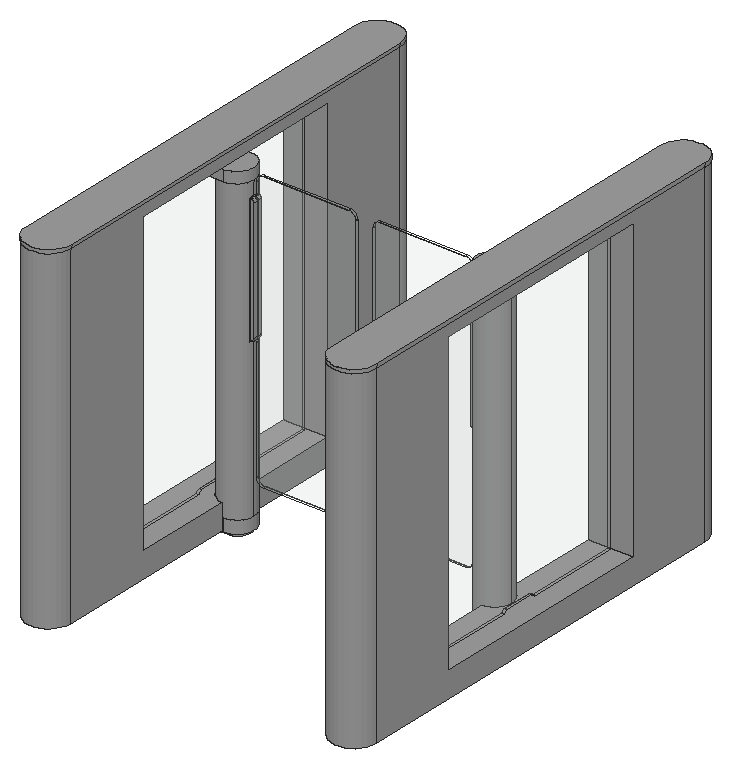
Revit family "record_VisionTouch", category Generic Models, Revit 2020
Family settings
  Can host rebar = No
  Round Connector Dimension = Use Diameter
  Part Type = Normal
  Work Plane-Based = No
  Always vertical = Yes
  Cut with Voids When Loaded = No
  Shared = No
  Room Calculation Point = No
Parameters (values of type "Vision Touch")
  Width [instance] = if(Width Input = 1, "1019 mm", if(Width Input = 2, "1284 mm", if(Width Input = 3, "1569 mm", "ERROR")))  # "1019 mm"
  Weight = "Depends on configuration and size"
  WarrantyDescription = "Depends on country"
  Uniclass2 = ""
  URL = "http://www.record.group"
  ThresholdRequired = no
  Shape = "Rectangular shaped"
  ServiceLifeDuration = "10-15 years"
  SerialNumber = "n/a"
  SelfClosing = yes
  SafetyDevices = "Force Limitations and Safety Sensors"
  ReplacementCost = "Depends on the configuration and door type"
  ReferenceStandard = "n/a"
  ProductionYear = "n/a"
  PassageWidthOptions = "650, 915"
  OperatingTemperature = "0º to +55ºC"
  OpenablePanelOpen [instance] = DoorOpen  # no
  OpenablePanelClose [instance] = not(DoorOpen)  # yes
  NominalWidth = 1019.0 mm
  NominalLength = 1325.0 mm
  NominalHeight = 1000.0 mm
  ModelReference = "Depends on the configuration"
  Model = "Vision Touch"
  Material = "Aluminum"
  ManufacturerURL = "www.record.group"
  Manufacturer = "Tansa"
  LeafColourOptions = "All RAL, customer specific"
  IssueDate = "n/a"
  IsExternal = yes
  HasDrive = yes
  HandicapAccessible = yes
  GlassType = "n/a"
  GlassThickness2 = 0.0 mm
  GlassThickness1 = 10.0 mm
  GlassLayers = 0
  Glass Height  Input [instance] = 1
  Glass Height [instance] = if(Glass Height  Input = 1, "945 mm", if(Glass Height  Input = 2, "1200 mm", if(Glass Height  Input = 3, "1800 mm", "ERROR")))  # "945 mm"
  Glazing Material [instance] = record_Glass
  FrameSeal = yes
  FrameProfile = "Aluminium"
  FrameFinishOptions = "Powder coated, Anodized, Clad in stainless steel, etc."
  Frame Material [instance] = record_Metal
  FireExit = yes
  Finish [instance] = "Powder coated, Anodized, stainless steel, customer specific"
  ElectronicLock = yes
  DrumWallOptions = "Metal"
  DoorsetOptions = "no"
  DoorsetOperation = "Automatic"
  DoorsetFasteners = "Screws"
  DoorOpen [instance] = no
  DoorIncluded = yes
  Description = "Speedgate"
  Default Elevation = 0.0 mm
  Construction Type = "Speedgate"
  Colour = "Customer specific"
  Clearance Zone Material [instance] = record_Clearance
  Clearance Zone [instance] = no
  Width Input [instance] = 1
  Clear Opening Width [instance] = if(Width Input = 1, 650.0 mm, if(Width Input = 2, 915.0 mm, if(Width Input = 3, 1200.0 mm, 1200.0 mm)))  # 650.0 mm
  Capacity = "n/a"
  Burglar resistance = "No"
  BreakoutFacility = no
  Author = "agtatec"
  AntiFingerTrapRequirement = no
  Anti-tailgating/Anti-piggybacking = "Yes"
  AccessoryOptions = "Contact manufacturer"
  Access control/Biometrics = "Yes"
Reference planes
  plane 1 "Center (Front/Back)": y = 0
  plane 2: z = 0
  plane 3 "Center (Left/Right)": x = 0
  plane 4: x = -325
  plane 5: x = 325
  plane 6: x = -374.8
  plane 7: x = 374.8
Dimensions and locks
  "Clear Opening Width": plane 4 to plane 5
  equal spacing: plane 4, plane 3 "Center (Left/Right)", plane 5
  locked: plane 6 to plane 4 at 49.8
  locked: plane 7 to plane 5 at 49.8
  aligned and locked: level to plane 2
  aligned and locked: nested 1 to plane 4
  aligned and locked: plane 6 to nested 3
  aligned and locked: nested 6 to plane 5
  aligned and locked: plane 7 to nested 5
  aligned and locked: nested 7 to plane 7
  aligned and locked: plane 6 to nested 4
Nested families
  nested 1: "record_VisionTouch_SidePanel" at (-325, 0, 0), type "record_VisionTouch_SidePanel"
  nested 2: "record_VisionTouch_CZ" at (0, 0, 0), visible <- "Clearance Zone", Clearance Zone <- "Clearance Zone", Width Input <- "Width Input", Glass Height Input <- "Glass Height  Input", type "record_VisionTouch_CZ"
    with Width Input 1, Glass Height Input 1, Clearance Zone no, CZGlassHeight 947.0 mm, COW 650.0 mm
  nested 3: "record_VisionTouch_OpenablePanel" at (-374.8, 0, 0), visible <- "OpenablePanelClose", type "record_VisionTouch_OpenablePanel"
  nested 4: "record_VisionTouch_OpenablePanel" at (-374.8, 0, 0) x (0, 1, 0) z (0, 0, 1), visible <- "OpenablePanelOpen", type "record_VisionTouch_OpenablePanel"
  nested 5: "record_VisionTouch_OpenablePanel" at (374.8, 0, 0) x (-1, 0, 0) z (0, 0, 1), visible <- "OpenablePanelClose", type "record_VisionTouch_OpenablePanel"
  nested 6: "record_VisionTouch_SidePanel" at (325, 0, 0) x (-1, 0, 0) z (0, 0, 1), type "record_VisionTouch_SidePanel"
  nested 7: "record_VisionTouch_OpenablePanel" at (374.8, 0, 0) x (0, 1, 0) z (0, 0, 1), visible <- "OpenablePanelOpen", type "record_VisionTouch_OpenablePanel"
Definition of nested family "record_VisionTouch_SidePanel"
  Parameters (values of type "record_VisionTouch_SidePanel")
    Glazing Material = none
    Frame Material = none
    Default Elevation = 0.0 mm
  Reference planes
    plane 1 "Center (Front/Back)": y = 0
    plane 2: z = 0
    plane 3 "Center (Left/Right)": x = 0
  Forms (mm)
    Extrusion 1, solid, material <- "Frame Material", detail levels fine
      sketch origin (0, 0, 0) x (1, 0, 0) y (0, 1, 0)
        loop
          line (-55.5, -598) -> (-55.5, 598)
          arc (-55.5, 598) -> (-120, 662.5) -> (-184.5, 598) r 64.5
          line (-184.5, 598) -> (-184.5, -598)
          arc (-184.5, -598) -> (-120, -662.5) -> (-55.5, -598) r 64.5
      from 10.21 to 990
    Extrusion 2, solid, material <- "Frame Material", detail levels fine
      sketch origin (0, 0, 0) x (1, 0, 0) y (0, 1, 0)
        loop
          arc (-49.801, -49.8) -> (-0.001, 0) -> (-49.801, 49.8) r 49.8
          line (-49.801, 49.8) -> (-114.4, 49.8) -> (-114.4, -49.8) -> (-49.801, -49.8)
      from 925.51 to 957.01
    Extrusion 3, solid, material <- "Frame Material", detail levels fine
      sketch origin (0, 0, 0) x (1, 0, 0) y (0, 1, 0)
        loop
          line (-54, -597.3) -> (-54, 598)
          arc (-54, 598) -> (-120, 664) -> (-186, 598) r 66
          line (-186, 598) -> (-186, -597.3)
          arc (-186, -597.3) -> (-120, -663.3) -> (-54, -597.3) r 66
      from 990 to 1000
    Extrusion 4, solid, material <- "Frame Material", detail levels fine
      sketch origin (0, 0, 0) x (1, 0, 0) y (0, 1, 0)
        loop
          line (-75, -562) -> (-75, -37.8) -> (-47.9, -37.8)
          arc (-47.9, -37.8) -> (-10.1, 0) -> (-47.9, 37.8) r 37.8
          line (-47.9, 37.8) -> (-75, 37.8) -> (-75, 562) -> (-165, 562) -> (-165, -562) -> (-75, -562)
      from 10.21 to 0
    Extrusion 5, void
      sketch origin (0, 0, 0) x (1, 0, 0) y (0, 1, 0)
        loop
          line (-186.61, 338.2) -> (-186.61, -337.8) -> (-54, -337.8) -> (-54, 338.2) -> (-186.61, 338.2)
      from 85.01 to 957.01
    Extrusion 6, solid, material <- "Glazing Material", detail levels fine
      sketch origin (-124, 0, 0) x (0, 1, 0) y (0, 0, 1)
        loop
          line (-330, 942) -> (-330, 85.01) -> (-54.949, 85.01)
          arc (-54.949, 85.01) -> (-51.704, 91.42) -> (-45, 94) r 10
          line (-45, 94) -> (45, 94)
          arc (45, 94) -> (51.704, 91.42) -> (54.949, 85.01) r 10
          line (54.949, 85.01) -> (330, 85.01) -> (330, 942)
          arc (330, 942) -> (327.071, 949.071) -> (320, 952) r 10
          line (320, 952) -> (-320, 952)
          arc (-320, 952) -> (-327.071, 949.071) -> (-330, 942) r 10
      from 0 to 8
    Extrusion 7, solid, material <- "Frame Material", detail levels fine
      sketch origin (0, 0, 0) x (1, 0, 0) y (0, 1, 0)
        loop
          arc (-49.801, -49.8) -> (-0.001, 0) -> (-49.801, 49.8) r 49.8
          line (-49.801, 49.8) -> (-114.4, 49.8) -> (-114.4, -49.8) -> (-49.801, -49.8)
      from 10.2 to 48.01
    Extrusion 8, void
      sketch origin (0, 0, 37.81) x (1, 0, 0) y (0, 1, 0)
        loop
          circle (-49.901, 0) r 50
      from 10.2 to 70.967
    Extrusion 9, solid, material <- "Frame Material", detail levels coarse+medium
      sketch origin (-0.1, 0, 0) x (1, 0, 0) y (0, 1, 0)
        loop
          line (-55.4, -662.5) -> (-55.4, 662.5) -> (-184.4, 662.5) -> (-184.4, -662.5) -> (-55.4, -662.5)
      from 0 to 1000
  Cuts and joins
    Extrusion 5, Extrusion 8 cuts Extrusion 1
    joined: Extrusion 1, Extrusion 4, Extrusion 7
  Dimensions and locks
    aligned and locked: level to plane 2
Definition of nested family "record_VisionTouch_OpenablePanel"
  Parameters (values of type "record_VisionTouch_OpenablePanel")
    Glazing Material = none
    GlassThickness = 8.0 mm  # constant formula
    GlassPanelWidth = (COW - 50.0 mm) / 2  # 301.0 mm
    GlassHeight = if(Glass Height Type Input = 1, 945.0 mm, if(Glass Height Type Input = 2, 1200.0 mm, if(Glass Height Type Input = 3, 1800.0 mm, 1800.0 mm)))  # 945.0 mm
    Glass Height Type Input = 1
    Frame Material = none
    Default Elevation = 0.0 mm
    COW = 652.0 mm
  Reference planes
    plane 1 "Center (Front/Back)": y = 0
    plane 2: z = 0
    plane 3 "Center (Left/Right)": x = 0
    plane 4: x = 49.8
    plane 5: x = 350.8
    plane 6: z = 945
    plane 7: z = 882
    plane 8: y = 4
    plane 9: y = -4
  Forms (mm)
    Extrusion 1, solid, material <- "Frame Material", detail levels fine
      sketch origin (0, 0, 48) x (1, 0, 0) y (0, 1, 0)
        loop
          circle (0, 0) r 49.8
      from 0 to 877.5
    Extrusion 2, solid, material <- "Glazing Material", detail levels fine
      sketch origin (0.1, 0, 48) x (1, 0, 0) y (0, 0, 1)
        loop
          arc (59.7, 842) -> (57.357, 836.343) -> (51.7, 834) r 8
          line (51.7, 834) -> (47.435, 834) -> (47.435, 464) -> (51.7, 464)
          arc (51.7, 464) -> (57.357, 461.657) -> (59.7, 456) r 8
          line (59.7, 456) -> (59.7, 104)
          arc (59.7, 104) -> (65.558, 89.858) -> (79.7, 84) r 20
          line (79.7, 84) -> (330.7, 84)
          arc (330.7, 84) -> (344.842, 89.858) -> (350.7, 104) r 20
          line (350.7, 104) -> (350.7, 877)
          arc (350.7, 877) -> (344.842, 891.142) -> (330.7, 897) r 20
          line (330.7, 897) -> (79.7, 897)
          arc (79.7, 897) -> (65.558, 891.142) -> (59.7, 877) r 20
          line (59.7, 877) -> (59.7, 842)
      from -4 to 4
    Extrusion 3, void
      sketch origin (0, 0, 0) x (1, 0, 0) y (0, 0, 1)
        loop
          line (47.535, 885.5) -> (47.535, 508.5) -> (59.8, 508.5) -> (59.8, 885.5) -> (47.535, 885.5)
      from -20 to 20
    Extrusion 4, solid, material <- "Frame Material", detail levels fine
      sketch origin (195.8, -4, 1200) x (-1, 0, 0) y (0, 0, -1)
        loop
          arc (136, 326) -> (138.929, 318.929) -> (146, 316) r 10
          line (146, 316) -> (148.265, 316) -> (148.265, 690) -> (146, 690)
          arc (146, 690) -> (138.929, 687.071) -> (136, 680) r 10
          line (136, 680) -> (136, 326)
      from 0 to 8.5
    Extrusion 5, solid, material <- "Frame Material", detail levels fine
      sketch origin (195.8, 4, 1200) x (-1, 0, 0) y (0, 0, 1)
        loop
          line (136, -326) -> (136, -680)
          arc (136, -680) -> (138.929, -687.071) -> (146, -690) r 10
          line (146, -690) -> (148.265, -690) -> (148.265, -316) -> (146, -316)
          arc (146, -316) -> (138.929, -318.929) -> (136, -326) r 10
      from 0 to 8.5
    Extrusion 6, solid, material <- "Glazing Material", detail levels medium
      sketch origin (0.1, -1, 48) x (1, 0, 0) y (0, 0, 1)
        loop
          line (350.7, 897) -> (-4.7, 897) -> (-4.7, 84) -> (350.7, 84) -> (350.7, 897)
      from -5 to 3
  Cuts and joins
    Extrusion 3 cuts Extrusion 1
  Dimensions and locks
    "GlassPanelWidth": plane 4 to plane 5
    plane 3 "Center (Left/Right)" to plane 4 = 49.8 mm
    "GlassHeight": plane 6 to plane 2
    "GlassThickness": plane 9 to plane 8
    aligned and locked: level to plane 2
    aligned and locked: plane 6 to Extrusion 2 sketch curve
    aligned and locked: Extrusion 2 sketch curve to plane 7
    aligned and locked: plane 8 to Extrusion 2
    aligned and locked: plane 9 to Extrusion 2
    aligned and locked: Extrusion 4 to plane 9
    aligned and locked: Extrusion 5 to plane 8
    aligned and locked: Extrusion 6 sketch curve to plane 5
    aligned and locked: plane 6 to Extrusion 6 sketch curve
    aligned and locked: plane 8 to Extrusion 6
    aligned and locked: plane 9 to Extrusion 6
  Automatic sketch dimensions
    plane 1 "Center (Front/Back)" to Extrusion 1 sketch curve = 0.0 mm
    Extrusion 1 sketch curve to plane 3 "Center (Left/Right)" = 0.0 mm
    Extrusion 2 sketch curve to plane 5 = 0.0 mm
    Extrusion 2 sketch curve to plane 5 = 20.0 mm  (x2)
    plane 4 to Extrusion 2 sketch curve = 30.0 mm  (x2)
    plane 4 to Extrusion 2 sketch curve = 10.0 mm  (x2)
    plane 4 to Extrusion 2 sketch curve = 2.0 mm  (x2)
    Extrusion 2 sketch curve to plane 4 = 2.265 mm
    Extrusion 2 sketch curve to Extrusion 2 sketch curve = 370.0 mm
    level to Extrusion 2 sketch curve = 152.0 mm
    Extrusion 3 sketch curve to plane 4 = 2.265 mm
    plane 4 to Extrusion 3 sketch curve = 10.0 mm
    plane 7 to Extrusion 3 sketch curve = 373.5 mm
    Extrusion 3 sketch curve to plane 7 = 3.5 mm
    Extrusion 6 sketch curve to plane 3 "Center (Left/Right)" = 4.6 mm
    level to Extrusion 6 sketch curve = 132.0 mm
    Extrusion 5 sketch curve to plane 4 = 0.0 mm  (x2)
    plane 7 to Extrusion 5 sketch curve = 8.0 mm
    Extrusion 5 sketch curve to Extrusion 5 sketch curve = 10.0 mm
    Extrusion 5 sketch curve to plane 4 = 2.265 mm
    Extrusion 5 sketch curve to Extrusion 5 sketch curve = 354.0 mm
    Extrusion 4 sketch curve to plane 4 = 0.0 mm  (x2)
    Extrusion 4 sketch curve to plane 7 = 8.0 mm
    Extrusion 4 sketch curve to Extrusion 4 sketch curve = 10.0 mm
    plane 4 to Extrusion 4 sketch curve = 2.265 mm
    Extrusion 4 sketch curve to Extrusion 4 sketch curve = 354.0 mm
    radius of Extrusion 1 sketch curve = 49.8 mm
Definition of nested family "record_VisionTouch_CZ"
  Parameters (values of type "record_VisionTouch_CZ")
    Width Input [instance] = 3
    Glass Height Input [instance] = 3
    Clearance Zone [instance] = yes
    CZGlassHeight [instance] = if(Glass Height Input = 1, 945.0 mm, if(Glass Height Input = 2, 1200.0 mm, if(Glass Height Input = 3, 1800.0 mm, 1800.0 mm))) + 2.0 mm  # 1802.0 mm
    Default Elevation = 0.0 mm
    Clearance Zone Material = none
    COW [instance] = if(Width Input = 1, 650.0 mm, if(Width Input = 2, 915.0 mm, if(Width Input = 3, 1200.0 mm, 1200.0 mm)))  # 1200.0 mm
  Reference planes
    plane 1 "Center (Front/Back)": y = 0
    plane 2: z = 0
    plane 3 "Center (Left/Right)": x = 0
    plane 4: x = -600
    plane 5: x = 600
    plane 6: x = -650.8
    plane 7: x = 650.8
    plane 8: x = -789.5
    plane 9: x = 789.5
    plane 10: y = 600
    plane 11: y = -600
    plane 12: z = 1802
  Forms (mm)
    Extrusion 1, solid, material <- "Clearance Zone Material", visible <- "Clearance Zone"
      sketch origin (0, 0, 0) x (1, 0, 0) y (0, 1, 0)
        loop
          line (-789.5, 667.487) -> (-789.5, -667.487) -> (789.5, -667.487) -> (789.5, 667.487) -> (-789.5, 667.487)
      from 0 to 1002
    Extrusion 2, solid, material <- "Clearance Zone Material", visible <- "Clearance Zone"
      sketch origin (0, 0, 0) x (1, 0, 0) y (0, 1, 0)
        loop
          line (-658.8, 629.8) -> (-658.8, -629.8) -> (658.8, -629.8) -> (658.8, 629.8) -> (-658.8, 629.8)
      from 0 to 1802
  Cuts and joins
    joined: Extrusion 1, Extrusion 2
  Dimensions and locks
    "COW": plane 4 to plane 5
    equal spacing: plane 4, plane 3 "Center (Left/Right)", plane 5
    locked: plane 6 to plane 4 at 50.8
    locked: plane 7 to plane 5 at 50.8
    locked: plane 8 to plane 4 at 189.5
    equal spacing: plane 11, plane 1 "Center (Front/Back)", plane 10
    "COW": plane 11 to plane 10
    locked: plane 10 to Extrusion 2 sketch curve at 29.8
    locked: plane 5 to Extrusion 2 sketch curve at 58.8
    locked: Extrusion 2 sketch curve to plane 4 at 58.8
    "CZGlassHeight": plane 12 to level
    locked: plane 5 to plane 9 at 189.5
    locked: plane 11 to Extrusion 2 sketch curve at 29.8
    aligned and locked: level to plane 2
    aligned and locked: Extrusion 1 to plane 8
    aligned and locked: cut or joined group of Extrusion 1, Extrusion 2 to plane 12
    aligned and locked: cut or joined group of Extrusion 1, Extrusion 2 to plane 9
  Automatic sketch dimensions
    Extrusion 1 sketch curve to plane 8 = 0.0 mm
    Extrusion 1 sketch curve to plane 1 "Center (Front/Back)" = 667.487 mm
    plane 1 "Center (Front/Back)" to Extrusion 1 sketch curve = 667.487 mm
    Extrusion 1 sketch curve to plane 9 = 0.0 mm
